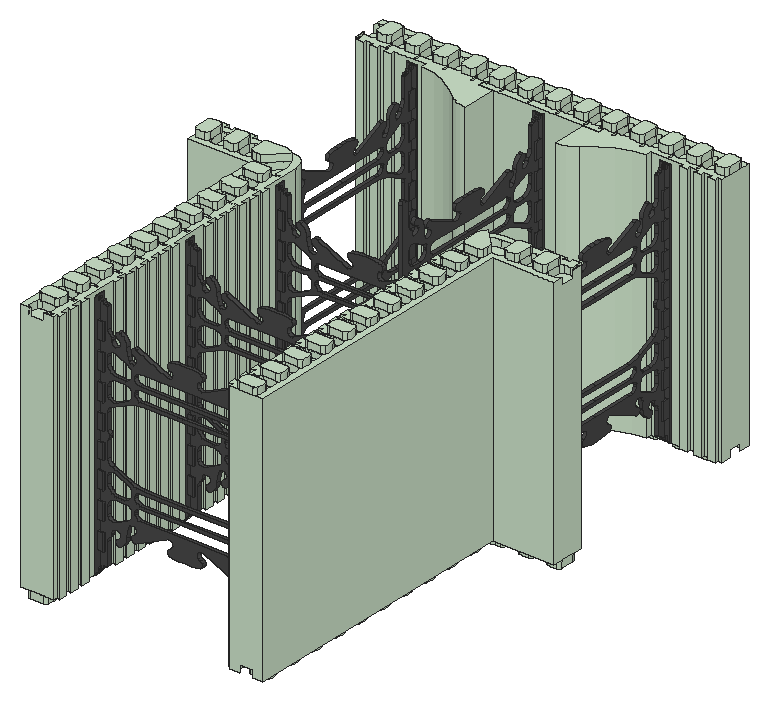
Revit family (continued)
Nested families (in)
  nested 64: "Interlock Tooth" at (12, -0.00002, 0) x (-1, 0, 0) z (0, 0, 1), type "Interlock Tooth"
  nested 65: "Interlock Tooth" at (11, -0.00002, -18.5) x (-1, 0, 0) z (0, 0, 1), type "Interlock Tooth"
  nested 66: "NUDURA Diamond Pattern" at (17.25, -23.99998, 0) x (0, 1, 0) z (0, 0, 1), type "NUDURA Diamond Pattern"
  nested 67: "NUDURA Logo Diamond" at (11.625, -39.99742, 0) x (0, 1, 0) z (0, 0, 1), type "NUDURA Logo Diamond"
  nested 68: "NUDURA Diamond Pattern Missing Two Lines" at (-11.25, -15.99998, 0) x (0, 1, 0) z (0, 0, 1), type "NUDURA Diamond Pattern minus Two lines"
  nested 69: "NUDURA Diamond Pattern Missing Two Lines" at (-10, -6, 0), type "NUDURA Diamond Pattern minus Two lines"
  nested 70: "NUDURA Diamond Pattern Missing Two Lines" at (6, -15.99998, 0) x (0, 1, 0) z (0, 0, 1), type "NUDURA Diamond Pattern minus Two lines"
  nested 71: "NUDURA Diamond Pattern Missing Two Lines" at (16, -17.24998, 0) x (-1, 0, 0) z (0, 0, 1), type "NUDURA Diamond Pattern minus Two lines"
  nested 72: "NUDURA Logo Diamond" at (5.99744, 5.625, 0) x (-1, 0, 0) z (0, 0, 1), type "NUDURA Logo Diamond"
  nested 73: "Interlock Tooth" at (4, -0.00002, 0) x (-1, 0, 0) z (0, 0, 1), type "Interlock Tooth"
  nested 74: "Interlock Tooth" at (2, -0.00002, 0) x (-1, 0, 0) z (0, 0, 1), type "Interlock Tooth"
  nested 75: "Interlock Tooth" at (1, -0.00002, -18.5) x (-1, 0, 0) z (0, 0, 1), type "Interlock Tooth"
  nested 76: "Interlock Tooth" at (3, -0.00002, -18.5) x (-1, 0, 0) z (0, 0, 1), type "Interlock Tooth"
  nested 77: "Interlock Tooth" at (0, -0.00002, 0) x (-1, 0, 0) z (0, 0, 1), type "Interlock Tooth"
  nested 78: "NUDURA Logo Diamond" at (23.99744, 5.625, 0) x (-1, 0, 0) z (0, 0, 1), type "NUDURA Logo Diamond"
  nested 79: "NUDURA Diamond Pattern" at (-11.25, -23.99998, 0) x (0, 1, 0) z (0, 0, 1), type "NUDURA Diamond Pattern"
  nested 80: "NUDURA Logo Diamond" at (-5.625, -16.00254, 0) x (0, -1, 0) z (0, 0, 1), type "NUDURA Logo Diamond"
  nested 81: "Interlock Tooth" at (14, -0.00002, 0) x (-1, 0, 0) z (0, 0, 1), type "Interlock Tooth"
  nested 82: "Interlock Tooth" at (13, -0.00002, -18.5) x (-1, 0, 0) z (0, 0, 1), type "Interlock Tooth"
  nested 83: "NUDURA Diamond Pattern" at (7.99744, 0, 0) x (-1, 0, 0) z (0, 0, 1), type "NUDURA Diamond Pattern"
  nested 84: "Interlock Tooth" at (16, -0.00002, 0) x (-1, 0, 0) z (0, 0, 1), type "Interlock Tooth"
  nested 85: "Interlock Tooth" at (15, -0.00002, -18.5) x (-1, 0, 0) z (0, 0, 1), type "Interlock Tooth"
  nested 86: "12-inch Insert Web" at (-6, -2.99998, 0), type "12-inch Insert Web"
  nested 87: "12-inch Insert Web" at (12, -2.99998, 0), type "12-inch Insert Web"
  nested 88: "12-inch Insert Web" at (3, -19.99998, 0) x (0, 1, 0) z (0, 0, 1), type "12-inch Insert Web"
  nested 89: "12-inch Insert Web" at (3, -27.99998, 0) x (0, 1, 0) z (0, 0, 1), type "12-inch Insert Web"
  nested 90: "12-inch Insert Web" at (3, -11.99998, 0) x (0, 1, 0) z (0, 0, 1), type "12-inch Insert Web"
  nested 91: "12-inch Insert Web w One Fastening Strip" at (3, -3, 0) x (-1, 0, 0) z (0, 0, 1), type "12-inch Insert Web w One Fastening Strip"
Definition of nested family "Interlock Tooth"
  Reference planes (in)
    plane 1 "Center (Front/Back)": y = 0
    plane 2: z = 0
    plane 3 "Center (Left/Right)": x = 0
    plane 4: z = 18
    plane 5: z = 18.5
    plane 6: z = -0.5
  Forms (in)
    Extrusion 1, solid, material "NUDURA Expanded Polystyrene Foam Insulation"
      sketch origin (0, -8.875, 0) x (1, 0, 0) y (0, 1, 0)
        loop
          arc (0, 3.97692) -> (0.04785, 3.82983) -> (0.17308, 3.73905) r 0.25
          arc (0.17308, 3.73905) -> (0.5, 3.6875) -> (0.82692, 3.73905) r 1.0625
          arc (0.82692, 3.73905) -> (0.95215, 3.82983) -> (1, 3.97692) r 0.25
          line (1, 3.97692) -> (1, 4.89808)
          arc (1, 4.89808) -> (0.95215, 5.04517) -> (0.82692, 5.13595) r 0.25
          arc (0.82692, 5.13595) -> (0.5, 5.1875) -> (0.17308, 5.13595) r 1.0625
          arc (0.17308, 5.13595) -> (0.04785, 5.04517) -> (0, 4.89808) r 0.25
          line (0, 4.89808) -> (0, 3.97692)
      from 18 to 18.5
  Dimensions and locks (in)
    locked: plane 4 to level at 18
    locked: plane 4 to plane 5 at 0.5
    locked: plane 6 to level at 0.5
Definition of nested family "12-inch Insert Web"
  Reference planes (in)
    plane 1 "Center (Front/Back)": y = 0
    plane 2: z = 0
    plane 3 "Center (Left/Right)": x = 0
  Forms (in)
    Extrusion 1, solid, material "High Density Polystyrene"
      sketch origin (0, 0, 0) x (0, 1, 0) y (0, 0, 1)
        loop
          line (6.25, 0) -> (6.25, 17.74583)
          arc (6.25, 17.74583) -> (6.22112, 17.72608) -> (6.21, 17.69292) r 0.055
          line (6.21, 17.69292) -> (6.21, 0.05292)
          arc (6.21, 0.05292) -> (6.22112, 0.01975) -> (6.25, 0) r 0.055
        loop
          arc (-6.25, 0) -> (-6.22112, 0.01975) -> (-6.21, 0.05292) r 0.055
          line (-6.21, 0.05292) -> (-6.21, 17.69292)
          arc (-6.21, 17.69292) -> (-6.22112, 17.72608) -> (-6.25, 17.74583) r 0.055
          line (-6.25, 17.74583) -> (-6.25, 0)
      from 0.36328 to -0.36328
    Extrusion 2, solid, material "High Density Polystyrene"
      sketch origin (0, 0, 0) x (0, 1, 0) y (0, 0, 1)
        loop
          arc (6.18889, 17.40785) -> (6.20374, 17.40241) -> (6.21, 17.38789) r 0.02
          line (6.21, 17.38789) -> (6.21, 17.63668)
          arc (6.21, 17.63668) -> (6.20585, 17.62147) -> (6.19457, 17.61045) r 0.03
          line (6.19457, 17.61045) -> (6.12543, 17.57204)
          arc (6.12543, 17.57204) -> (6.11414, 17.56103) -> (6.11, 17.54582) r 0.03
          line (6.11, 17.54582) -> (6.11, 17.42461)
          arc (6.11, 17.42461) -> (6.11625, 17.41008) -> (6.13111, 17.40464) r 0.02
          line (6.13111, 17.40464) -> (6.18889, 17.40785)
        loop
          line (-6.12543, 17.57204) -> (-6.19457, 17.61045)
          arc (-6.19457, 17.61045) -> (-6.20585, 17.62147) -> (-6.21, 17.63668) r 0.03
          line (-6.21, 17.63668) -> (-6.21, 17.38789)
          arc (-6.21, 17.38789) -> (-6.20374, 17.40241) -> (-6.18889, 17.40785) r 0.02
          line (-6.18889, 17.40785) -> (-6.13111, 17.40464)
          arc (-6.13111, 17.40464) -> (-6.11625, 17.41008) -> (-6.11, 17.42461) r 0.02
          line (-6.11, 17.42461) -> (-6.11, 17.54582)
          arc (-6.11, 17.54582) -> (-6.11414, 17.56103) -> (-6.12543, 17.57204) r 0.03
        loop
          line (6.18889, 0.33798) -> (6.13111, 0.34119)
          arc (6.13111, 0.34119) -> (6.11625, 0.33575) -> (6.11, 0.32122) r 0.02
          line (6.11, 0.32122) -> (6.11, 0.20001)
          arc (6.11, 0.20001) -> (6.11414, 0.1848) -> (6.12543, 0.17379) r 0.03
          line (6.12543, 0.17379) -> (6.19457, 0.13538)
          arc (6.19457, 0.13538) -> (6.20585, 0.12437) -> (6.21, 0.10915) r 0.03
          line (6.21, 0.10915) -> (6.21, 0.35795)
          arc (6.21, 0.35795) -> (6.20374, 0.34342) -> (6.18889, 0.33798) r 0.02
        loop
          arc (-6.12543, 0.17379) -> (-6.11414, 0.1848) -> (-6.11, 0.20001) r 0.03
          line (-6.11, 0.20001) -> (-6.11, 0.32122)
          arc (-6.11, 0.32122) -> (-6.11625, 0.33575) -> (-6.13111, 0.34119) r 0.02
          line (-6.13111, 0.34119) -> (-6.18889, 0.33798)
          arc (-6.18889, 0.33798) -> (-6.20374, 0.34342) -> (-6.21, 0.35795) r 0.02
          line (-6.21, 0.35795) -> (-6.21, 0.10915)
          arc (-6.21, 0.10915) -> (-6.20585, 0.12437) -> (-6.19457, 0.13538) r 0.03
          line (-6.19457, 0.13538) -> (-6.12543, 0.17379)
        loop
          line (6, 17.20772) -> (5.925, 17.43772)
          arc (5.925, 17.43772) -> (5.875, 17.46772) -> (5.825, 17.43772) r 0.05667
          line (5.825, 17.43772) -> (5.77609, 17.28772) -> (5.64893, 17.28772)
          arc (5.64893, 17.28772) -> (5.61433, 17.27339) -> (5.6, 17.2388) r 0.04893
          line (5.6, 17.2388) -> (5.6, 17.20772) -> (5.5, 17.20772) -> (5.5, 15.75595)
          arc (5.5, 15.75595) -> (5.43087, 15.489) -> (5.24086, 15.28915) r 0.55
          arc (5.24086, 15.28915) -> (5.19232, 15.23289) -> (5.1843, 15.15901) r 0.125
          arc (5.1843, 15.15901) -> (4.73923, 14.83241) -> (4.77171, 15.3835) r 0.305
          arc (4.77171, 15.3835) -> (4.89426, 15.66948) -> (4.60829, 15.79202) r 0.22
          arc (4.60829, 15.79202) -> (4.25428, 15.49683) -> (4.14171, 15.04986) r 0.745
          arc (4.14171, 15.04986) -> (4.09808, 14.63491) -> (3.96932, 14.23805) r 2
          arc (3.96932, 14.23805) -> (3.47025, 14.23431) -> (3.63581, 14.70513) r 0.305
          arc (3.63581, 14.70513) -> (3.78874, 15.03658) -> (3.43743, 15.1357) r 0.24
          line (3.43743, 15.1357) -> (1.31021, 14.13634)
          arc (1.31021, 14.13634) -> (0.87667, 14.28198) -> (1.07505, 14.69406) r 0.305
          arc (1.07505, 14.69406) -> (1.24991, 14.91838) -> (1.08783, 15.15211) r 0.24
          arc (1.08783, 15.15211) -> (0.76801, 15.23299) -> (0.43924, 15.2602) r 2
          line (0.43924, 15.2602) -> (0, 15.2602) -> (-0.43924, 15.2602)
          arc (-0.43924, 15.2602) -> (-0.76801, 15.23299) -> (-1.08783, 15.15211) r 2
          arc (-1.08783, 15.15211) -> (-1.24991, 14.91838) -> (-1.07505, 14.69406) r 0.24
          arc (-1.07505, 14.69406) -> (-0.87667, 14.28198) -> (-1.31021, 14.13634) r 0.305
          line (-1.31021, 14.13634) -> (-3.43743, 15.1357)
          arc (-3.43743, 15.1357) -> (-3.78874, 15.03658) -> (-3.63581, 14.70513) r 0.24
          arc (-3.63581, 14.70513) -> (-3.47025, 14.23431) -> (-3.96932, 14.23805) r 0.305
          arc (-3.96932, 14.23805) -> (-4.09808, 14.63491) -> (-4.14171, 15.04986) r 2
          arc (-4.14171, 15.04986) -> (-4.25428, 15.49683) -> (-4.60829, 15.79202) r 0.745
          arc (-4.60829, 15.79202) -> (-4.89426, 15.66948) -> (-4.77171, 15.3835) r 0.22
          arc (-4.77171, 15.3835) -> (-4.73923, 14.83241) -> (-5.1843, 15.15901) r 0.305
          arc (-5.1843, 15.15901) -> (-5.19232, 15.23289) -> (-5.24086, 15.28915) r 0.125
          arc (-5.24086, 15.28915) -> (-5.43087, 15.489) -> (-5.5, 15.75595) r 0.55
          line (-5.5, 15.75595) -> (-5.5, 17.20772) -> (-5.6, 17.20772) -> (-5.6, 17.2388)
          arc (-5.6, 17.2388) -> (-5.61433, 17.27339) -> (-5.64893, 17.28772) r 0.04893
          line (-5.64893, 17.28772) -> (-5.77609, 17.28772) -> (-5.825, 17.43772)
          arc (-5.825, 17.43772) -> (-5.875, 17.46772) -> (-5.925, 17.43772) r 0.05667
          line (-5.925, 17.43772) -> (-6, 17.20772) -> (-6, 0.66519) -> (-5.925, 0.43519)
          arc (-5.925, 0.43519) -> (-5.875, 0.40519) -> (-5.825, 0.43519) r 0.05667
          line (-5.825, 0.43519) -> (-5.77609, 0.58519) -> (-5.64893, 0.58519)
          arc (-5.64893, 0.58519) -> (-5.61433, 0.59952) -> (-5.6, 0.63412) r 0.04893
          line (-5.6, 0.63412) -> (-5.6, 0.66519) -> (-5.5, 0.66519) -> (-5.5, 2.24405)
          arc (-5.5, 2.24405) -> (-5.43087, 2.511) -> (-5.24086, 2.71085) r 0.55
          arc (-5.24086, 2.71085) -> (-5.19232, 2.76711) -> (-5.1843, 2.84099) r 0.125
          arc (-5.1843, 2.84099) -> (-4.73923, 3.16759) -> (-4.77171, 2.6165) r 0.305
          arc (-4.77171, 2.6165) -> (-4.89426, 2.33052) -> (-4.60829, 2.20798) r 0.22
          arc (-4.60829, 2.20798) -> (-4.25428, 2.50317) -> (-4.14171, 2.95014) r 0.745
          arc (-4.14171, 2.95014) -> (-4.09808, 3.36509) -> (-3.96932, 3.76195) r 2
          arc (-3.96932, 3.76195) -> (-3.47025, 3.76569) -> (-3.63581, 3.29487) r 0.305
          arc (-3.63581, 3.29487) -> (-3.78874, 2.96342) -> (-3.43743, 2.8643) r 0.24
          line (-3.43743, 2.8643) -> (-1.31021, 3.86366)
          arc (-1.31021, 3.86366) -> (-0.87667, 3.71802) -> (-1.07505, 3.30594) r 0.305
          arc (-1.07505, 3.30594) -> (-1.24991, 3.08162) -> (-1.08783, 2.84789) r 0.24
          arc (-1.08783, 2.84789) -> (-0.76801, 2.76701) -> (-0.43924, 2.7398) r 2
          line (-0.43924, 2.7398) -> (0, 2.7398) -> (0.43924, 2.7398)
          arc (0.43924, 2.7398) -> (0.76801, 2.76701) -> (1.08783, 2.84789) r 2
          arc (1.08783, 2.84789) -> (1.24991, 3.08162) -> (1.07505, 3.30594) r 0.24
          arc (1.07505, 3.30594) -> (0.87667, 3.71802) -> (1.31021, 3.86366) r 0.305
          line (1.31021, 3.86366) -> (3.43743, 2.8643)
          arc (3.43743, 2.8643) -> (3.78874, 2.96342) -> (3.63581, 3.29487) r 0.24
          arc (3.63581, 3.29487) -> (3.47025, 3.76569) -> (3.96932, 3.76195) r 0.305
          arc (3.96932, 3.76195) -> (4.09808, 3.36509) -> (4.14171, 2.95014) r 2
          arc (4.14171, 2.95014) -> (4.25428, 2.50317) -> (4.60829, 2.20798) r 0.745
          arc (4.60829, 2.20798) -> (4.89426, 2.33052) -> (4.77171, 2.6165) r 0.22
          arc (4.77171, 2.6165) -> (4.73923, 3.16759) -> (5.1843, 2.84099) r 0.305
          arc (5.1843, 2.84099) -> (5.19232, 2.76711) -> (5.24086, 2.71085) r 0.125
          arc (5.24086, 2.71085) -> (5.43087, 2.511) -> (5.5, 2.24405) r 0.55
          line (5.5, 2.24405) -> (5.5, 0.66519) -> (5.6, 0.66519) -> (5.6, 0.63412)
          arc (5.6, 0.63412) -> (5.61433, 0.59952) -> (5.64893, 0.58519) r 0.04893
          line (5.64893, 0.58519) -> (5.77609, 0.58519) -> (5.825, 0.43519)
          arc (5.825, 0.43519) -> (5.875, 0.40519) -> (5.925, 0.43519) r 0.05667
          line (5.925, 0.43519) -> (6, 0.66519) -> (6, 17.20772)
        loop
          arc (3.02319, 4.29202) -> (3.16251, 4.2877) -> (3.3013, 4.27477) r 2.25
          arc (3.3013, 4.27477) -> (3.48148, 4.41353) -> (3.6, 4.60763) r 0.62421
          line (3.6, 4.60763) -> (3.6, 4.73363)
          arc (3.6, 4.73363) -> (3.4551, 4.96314) -> (3.22579, 5.10835) r 0.61747
          line (3.22579, 5.10835) -> (0, 5.10835) -> (-3.22579, 5.10835)
          arc (-3.22579, 5.10835) -> (-3.4551, 4.96314) -> (-3.6, 4.73363) r 0.61747
          line (-3.6, 4.73363) -> (-3.6, 4.60763)
          arc (-3.6, 4.60763) -> (-3.48148, 4.41353) -> (-3.3013, 4.27477) r 0.62421
          arc (-3.3013, 4.27477) -> (-3.16251, 4.2877) -> (-3.02319, 4.29202) r 2.25
          line (-3.02319, 4.29202) -> (0, 4.29202) -> (3.02319, 4.29202)
        loop
          line (4.08806, 4.02826) -> (4.96605, 3.61736)
          arc (4.96605, 3.61736) -> (5.32627, 3.64059) -> (5.5, 3.95701) r 0.375
          line (5.5, 3.95701) -> (5.5, 4.48373)
          arc (5.5, 4.48373) -> (5.31694, 4.92567) -> (4.875, 5.10873) r 0.625
          line (4.875, 5.10873) -> (4.3, 5.10873)
          arc (4.3, 5.10873) -> (3.94645, 4.96229) -> (3.8, 4.60873) r 0.5
          line (3.8, 4.60873) -> (3.8, 4.48112)
          arc (3.8, 4.48112) -> (3.87812, 4.21276) -> (4.08806, 4.02826) r 0.5
        loop
          line (5.5, 5.91373) -> (5.5, 6.44046)
          arc (5.5, 6.44046) -> (5.32627, 6.75687) -> (4.96605, 6.78011) r 0.375
          line (4.96605, 6.78011) -> (4.08806, 6.36921)
          arc (4.08806, 6.36921) -> (3.87812, 6.18471) -> (3.8, 5.91635) r 0.5
          line (3.8, 5.91635) -> (3.8, 5.78873)
          arc (3.8, 5.78873) -> (3.94645, 5.43518) -> (4.3, 5.28873) r 0.5
          line (4.3, 5.28873) -> (4.875, 5.28873)
          arc (4.875, 5.28873) -> (5.31694, 5.47179) -> (5.5, 5.91373) r 0.625
        loop
          arc (3.30123, 6.1222) -> (3.16288, 6.10935) -> (3.02401, 6.10506) r 2.25
          line (3.02401, 6.10506) -> (0, 6.10506) -> (-3.02401, 6.10506)
          arc (-3.02401, 6.10506) -> (-3.16288, 6.10935) -> (-3.30123, 6.1222) r 2.25
          arc (-3.30123, 6.1222) -> (-3.48146, 5.98344) -> (-3.6, 5.7893) r 0.62421
          line (-3.6, 5.7893) -> (-3.6, 5.66335)
          arc (-3.6, 5.66335) -> (-3.45481, 5.43354) -> (-3.225, 5.28835) r 0.61747
          line (-3.225, 5.28835) -> (0, 5.28835) -> (3.225, 5.28835)
          arc (3.225, 5.28835) -> (3.45481, 5.43354) -> (3.6, 5.66335) r 0.61747
          line (3.6, 5.66335) -> (3.6, 5.7893)
          arc (3.6, 5.7893) -> (3.48146, 5.98344) -> (3.30123, 6.1222) r 0.62421
        loop
          arc (-4.08806, 4.02826) -> (-3.87812, 4.21276) -> (-3.8, 4.48112) r 0.5
          line (-3.8, 4.48112) -> (-3.8, 4.60873)
          arc (-3.8, 4.60873) -> (-3.94645, 4.96229) -> (-4.3, 5.10873) r 0.5
          line (-4.3, 5.10873) -> (-4.875, 5.10873)
          arc (-4.875, 5.10873) -> (-5.31694, 4.92567) -> (-5.5, 4.48373) r 0.625
          line (-5.5, 4.48373) -> (-5.5, 3.95701)
          arc (-5.5, 3.95701) -> (-5.32627, 3.64059) -> (-4.96605, 3.61736) r 0.375
          line (-4.96605, 3.61736) -> (-4.08806, 4.02826)
        loop
          arc (-5.5, 5.91373) -> (-5.31694, 5.47179) -> (-4.875, 5.28873) r 0.625
          line (-4.875, 5.28873) -> (-4.3, 5.28873)
          arc (-4.3, 5.28873) -> (-3.94645, 5.43518) -> (-3.8, 5.78873) r 0.5
          line (-3.8, 5.78873) -> (-3.8, 5.91635)
          arc (-3.8, 5.91635) -> (-3.87812, 6.18471) -> (-4.08806, 6.36921) r 0.5
          line (-4.08806, 6.36921) -> (-4.96605, 6.78011)
          arc (-4.96605, 6.78011) -> (-5.32627, 6.75687) -> (-5.5, 6.44046) r 0.375
          line (-5.5, 6.44046) -> (-5.5, 5.91373)
        loop
          line (5.5, 7.54678) -> (5.5, 8.68765) -> (5.38, 8.88765) -> (5.38, 9) -> (5.38, 9.11235) -> (5.5, 9.31235) -> (5.5, 10.45322)
          arc (5.5, 10.45322) -> (5.42188, 10.72158) -> (5.21194, 10.90608) r 0.5
          line (5.21194, 10.90608) -> (3.95372, 11.49492)
          arc (3.95372, 11.49492) -> (3.48851, 11.65338) -> (3, 11.70705) r 2.25
          line (3, 11.70705) -> (0, 11.70705) -> (-3, 11.70705)
          arc (-3, 11.70705) -> (-3.48851, 11.65338) -> (-3.95372, 11.49492) r 2.25
          line (-3.95372, 11.49492) -> (-5.21194, 10.90608)
          arc (-5.21194, 10.90608) -> (-5.42188, 10.72158) -> (-5.5, 10.45322) r 0.5
          line (-5.5, 10.45322) -> (-5.5, 9.31235) -> (-5.38, 9.11235) -> (-5.38, 9) -> (-5.38, 8.88765) -> (-5.5, 8.68765) -> (-5.5, 7.54678)
          arc (-5.5, 7.54678) -> (-5.42188, 7.27842) -> (-5.21194, 7.09392) r 0.5
          line (-5.21194, 7.09392) -> (-3.95372, 6.50508)
          arc (-3.95372, 6.50508) -> (-3.48851, 6.34662) -> (-3, 6.29295) r 2.25
          line (-3, 6.29295) -> (0, 6.29295) -> (3, 6.29295)
          arc (3, 6.29295) -> (3.48851, 6.34662) -> (3.95372, 6.50508) r 2.25
          line (3.95372, 6.50508) -> (5.21194, 7.09392)
          arc (5.21194, 7.09392) -> (5.42188, 7.27842) -> (5.5, 7.54678) r 0.5
        loop
          line (3.02319, 13.70798) -> (0, 13.70798) -> (-3.02319, 13.70798)
          arc (-3.02319, 13.70798) -> (-3.16251, 13.7123) -> (-3.3013, 13.72523) r 2.25
          arc (-3.3013, 13.72523) -> (-3.48148, 13.58647) -> (-3.6, 13.39237) r 0.62421
          line (-3.6, 13.39237) -> (-3.6, 13.26637)
          arc (-3.6, 13.26637) -> (-3.4551, 13.03686) -> (-3.22579, 12.89165) r 0.61747
          line (-3.22579, 12.89165) -> (0, 12.89165) -> (3.22579, 12.89165)
          arc (3.22579, 12.89165) -> (3.4551, 13.03686) -> (3.6, 13.26637) r 0.61747
          line (3.6, 13.26637) -> (3.6, 13.39237)
          arc (3.6, 13.39237) -> (3.48148, 13.58647) -> (3.3013, 13.72523) r 0.62421
          arc (3.3013, 13.72523) -> (3.16251, 13.7123) -> (3.02319, 13.70798) r 2.25
        loop
          arc (4.08806, 13.97174) -> (3.87812, 13.78724) -> (3.8, 13.51888) r 0.5
          line (3.8, 13.51888) -> (3.8, 13.39127)
          arc (3.8, 13.39127) -> (3.94645, 13.03771) -> (4.3, 12.89127) r 0.5
          line (4.3, 12.89127) -> (4.875, 12.89127)
          arc (4.875, 12.89127) -> (5.31694, 13.07433) -> (5.5, 13.51627) r 0.625
          line (5.5, 13.51627) -> (5.5, 14.04299)
          arc (5.5, 14.04299) -> (5.32627, 14.35941) -> (4.96605, 14.38264) r 0.375
          line (4.96605, 14.38264) -> (4.08806, 13.97174)
        loop
          arc (5.5, 12.08627) -> (5.31694, 12.52821) -> (4.875, 12.71127) r 0.625
          line (4.875, 12.71127) -> (4.3, 12.71127)
          arc (4.3, 12.71127) -> (3.94645, 12.56482) -> (3.8, 12.21127) r 0.5
          line (3.8, 12.21127) -> (3.8, 12.08365)
          arc (3.8, 12.08365) -> (3.87812, 11.81529) -> (4.08806, 11.63079) r 0.5
          line (4.08806, 11.63079) -> (4.96605, 11.21989)
          arc (4.96605, 11.21989) -> (5.32627, 11.24313) -> (5.5, 11.55954) r 0.375
          line (5.5, 11.55954) -> (5.5, 12.08627)
        loop
          arc (3.30123, 11.8778) -> (3.48146, 12.01656) -> (3.6, 12.2107) r 0.62421
          line (3.6, 12.2107) -> (3.6, 12.33665)
          arc (3.6, 12.33665) -> (3.45481, 12.56646) -> (3.225, 12.71165) r 0.61747
          line (3.225, 12.71165) -> (0, 12.71165) -> (-3.225, 12.71165)
          arc (-3.225, 12.71165) -> (-3.45481, 12.56646) -> (-3.6, 12.33665) r 0.61747
          line (-3.6, 12.33665) -> (-3.6, 12.2107)
          arc (-3.6, 12.2107) -> (-3.48146, 12.01656) -> (-3.30123, 11.8778) r 0.62421
          arc (-3.30123, 11.8778) -> (-3.16288, 11.89065) -> (-3.02401, 11.89494) r 2.25
          line (-3.02401, 11.89494) -> (0, 11.89494) -> (3.02401, 11.89494)
          arc (3.02401, 11.89494) -> (3.16288, 11.89065) -> (3.30123, 11.8778) r 2.25
        loop
          line (-4.08806, 13.97174) -> (-4.96605, 14.38264)
          arc (-4.96605, 14.38264) -> (-5.32627, 14.35941) -> (-5.5, 14.04299) r 0.375
          line (-5.5, 14.04299) -> (-5.5, 13.51627)
          arc (-5.5, 13.51627) -> (-5.31694, 13.07433) -> (-4.875, 12.89127) r 0.625
          line (-4.875, 12.89127) -> (-4.3, 12.89127)
          arc (-4.3, 12.89127) -> (-3.94645, 13.03771) -> (-3.8, 13.39127) r 0.5
          line (-3.8, 13.39127) -> (-3.8, 13.51888)
          arc (-3.8, 13.51888) -> (-3.87812, 13.78724) -> (-4.08806, 13.97174) r 0.5
        loop
          line (-5.5, 12.08627) -> (-5.5, 11.55954)
          arc (-5.5, 11.55954) -> (-5.32627, 11.24313) -> (-4.96605, 11.21989) r 0.375
          line (-4.96605, 11.21989) -> (-4.08806, 11.63079)
          arc (-4.08806, 11.63079) -> (-3.87812, 11.81529) -> (-3.8, 12.08365) r 0.5
          line (-3.8, 12.08365) -> (-3.8, 12.21127)
          arc (-3.8, 12.21127) -> (-3.94645, 12.56482) -> (-4.3, 12.71127) r 0.5
          line (-4.3, 12.71127) -> (-4.875, 12.71127)
          arc (-4.875, 12.71127) -> (-5.31694, 12.52821) -> (-5.5, 12.08627) r 0.625
      from 0.125 to -0.125
    Extrusion 3, solid, material "High Density Polystyrene"
      sketch origin (0, 0, 0) x (0, 1, 0) y (0, 0, 1)
        loop
          line (6.21, 16.17792) -> (5.71, 16.17792) -> (5.71, 14.97792) -> (6.21, 14.97792) -> (6.21, 16.17792)
        loop
          line (6.21, 14.22792) -> (5.71, 14.22792) -> (5.71, 13.02792) -> (6.21, 13.02792) -> (6.21, 14.22792)
        loop
          line (6.21, 12.27792) -> (5.71, 12.27792) -> (5.71, 11.07792) -> (6.21, 11.07792) -> (6.21, 12.27792)
        loop
          line (6.21, 10.32792) -> (5.71, 10.32792) -> (5.71, 9.24792) -> (6.21, 9.24792) -> (6.21, 10.32792)
        loop
          line (6.21, 8.49792) -> (5.71, 8.49792) -> (5.71, 7.41792) -> (6.21, 7.41792) -> (6.21, 8.49792)
        loop
          line (6.21, 6.66792) -> (5.71, 6.66792) -> (5.71, 5.46792) -> (6.21, 5.46792) -> (6.21, 6.66792)
        loop
          line (6.21, 4.71792) -> (5.71, 4.71792) -> (5.71, 3.51792) -> (6.21, 3.51792) -> (6.21, 4.71792)
        loop
          line (6.21, 2.76792) -> (5.71, 2.76792) -> (5.71, 1.56792) -> (6.21, 1.56792) -> (6.21, 2.76792)
        loop
          line (-6.21, 16.17792) -> (-6.21, 14.97792) -> (-5.71, 14.97792) -> (-5.71, 16.17792) -> (-6.21, 16.17792)
        loop
          line (-6.21, 14.22792) -> (-6.21, 13.02792) -> (-5.71, 13.02792) -> (-5.71, 14.22792) -> (-6.21, 14.22792)
        loop
          line (-6.21, 12.27792) -> (-6.21, 11.07792) -> (-5.71, 11.07792) -> (-5.71, 12.27792) -> (-6.21, 12.27792)
        loop
          line (-6.21, 10.32792) -> (-6.21, 9.24792) -> (-5.71, 9.24792) -> (-5.71, 10.32792) -> (-6.21, 10.32792)
        loop
          line (-6.21, 8.49792) -> (-6.21, 7.41792) -> (-5.71, 7.41792) -> (-5.71, 8.49792) -> (-6.21, 8.49792)
        loop
          line (-6.21, 6.66792) -> (-6.21, 5.46792) -> (-5.71, 5.46792) -> (-5.71, 6.66792) -> (-6.21, 6.66792)
        loop
          line (-6.21, 4.71792) -> (-6.21, 3.51792) -> (-5.71, 3.51792) -> (-5.71, 4.71792) -> (-6.21, 4.71792)
        loop
          line (-6.21, 2.76792) -> (-6.21, 1.56792) -> (-5.71, 1.56792) -> (-5.71, 2.76792) -> (-6.21, 2.76792)
      from 0.25 to -0.25
    Extrusion 4, void
      sketch origin (0, 3, 0) x (1, 0, 0) y (0, 1, 0)
        loop
          line (-0.25, 2.79249) -> (-0.25, 2.71) -> (-0.1675, 2.71)
          arc (-0.1675, 2.71) -> (-0.22584, 2.73416) -> (-0.25, 2.79249) r 0.0825
      from 0 to 18
    Extrusion 5, void
      sketch origin (0, 3, 0) x (-1, 0, 0) y (0, -1, 0)
        loop
          arc (-0.25, -2.79249) -> (-0.22584, -2.73416) -> (-0.1675, -2.71) r 0.0825
          line (-0.1675, -2.71) -> (-0.25, -2.71) -> (-0.25, -2.79249)
      from 0 to 18
    Extrusion 6, void
      sketch origin (0, -3, 0) x (1, 0, 0) y (0, 1, 0)
        loop
          arc (-0.25, -2.79249) -> (-0.22584, -2.73416) -> (-0.1675, -2.71) r 0.0825
          line (-0.1675, -2.71) -> (-0.25, -2.71) -> (-0.25, -2.79249)
      from 0 to 18
    Extrusion 7, void
      sketch origin (0, -3, 0) x (-1, 0, 0) y (0, -1, 0)
        loop
          line (-0.25, 2.79249) -> (-0.25, 2.71) -> (-0.1675, 2.71)
          arc (-0.1675, 2.71) -> (-0.22584, 2.73416) -> (-0.25, 2.79249) r 0.0825
      from 0 to 18
  Cuts and joins
    Extrusion 4, Extrusion 5, Extrusion 6, Extrusion 7 cuts Extrusion 1
    Extrusion 4, Extrusion 5, Extrusion 6, Extrusion 7 cuts Extrusion 3
Definition of nested family "12-inch Insert Web w One Fastening Strip"
  Reference planes (in)
    plane 1 "Center (Front/Back)": y = 0
    plane 2: z = 0
    plane 3 "Center (Left/Right)": x = 0
  Forms (in)
    Extrusion 1, solid, material "High Density Polystyrene"
      sketch origin (0, 0, 0) x (0, 1, 0) y (0, 0, 1)
        loop
          arc (-6.25, 0) -> (-6.22112, 0.01975) -> (-6.21, 0.05292) r 0.055
          line (-6.21, 0.05292) -> (-6.21, 17.69292)
          arc (-6.21, 17.69292) -> (-6.22112, 17.72608) -> (-6.25, 17.74583) r 0.055
          line (-6.25, 17.74583) -> (-6.25, 0)
      from 0.36328 to -0.36328
    Extrusion 2, solid, material "High Density Polystyrene"
      sketch origin (0, 0, 0) x (0, 1, 0) y (0, 0, 1)
        loop
          line (-6.12543, 17.57204) -> (-6.19457, 17.61045)
          arc (-6.19457, 17.61045) -> (-6.20585, 17.62147) -> (-6.21, 17.63668) r 0.03
          line (-6.21, 17.63668) -> (-6.21, 17.38789)
          arc (-6.21, 17.38789) -> (-6.20374, 17.40241) -> (-6.18889, 17.40785) r 0.02
          line (-6.18889, 17.40785) -> (-6.13111, 17.40464)
          arc (-6.13111, 17.40464) -> (-6.11625, 17.41008) -> (-6.11, 17.42461) r 0.02
          line (-6.11, 17.42461) -> (-6.11, 17.54582)
          arc (-6.11, 17.54582) -> (-6.11414, 17.56103) -> (-6.12543, 17.57204) r 0.03
        loop
          arc (-6.12543, 0.17379) -> (-6.11414, 0.1848) -> (-6.11, 0.20001) r 0.03
          line (-6.11, 0.20001) -> (-6.11, 0.32122)
          arc (-6.11, 0.32122) -> (-6.11625, 0.33575) -> (-6.13111, 0.34119) r 0.02
          line (-6.13111, 0.34119) -> (-6.18889, 0.33798)
          arc (-6.18889, 0.33798) -> (-6.20374, 0.34342) -> (-6.21, 0.35795) r 0.02
          line (-6.21, 0.35795) -> (-6.21, 0.10915)
          arc (-6.21, 0.10915) -> (-6.20585, 0.12437) -> (-6.19457, 0.13538) r 0.03
          line (-6.19457, 0.13538) -> (-6.12543, 0.17379)
        loop
          line (6, 17.20772) -> (5.925, 17.43772)
          arc (5.925, 17.43772) -> (5.875, 17.46772) -> (5.825, 17.43772) r 0.05667
          line (5.825, 17.43772) -> (5.77609, 17.28772) -> (5.64893, 17.28772)
          arc (5.64893, 17.28772) -> (5.61433, 17.27339) -> (5.6, 17.2388) r 0.04893
          line (5.6, 17.2388) -> (5.6, 17.20772) -> (5.5, 17.20772) -> (5.5, 15.75595)
          arc (5.5, 15.75595) -> (5.43087, 15.489) -> (5.24086, 15.28915) r 0.55
          arc (5.24086, 15.28915) -> (5.19232, 15.23289) -> (5.1843, 15.15901) r 0.125
          arc (5.1843, 15.15901) -> (4.73923, 14.83241) -> (4.77171, 15.3835) r 0.305
          arc (4.77171, 15.3835) -> (4.89426, 15.66948) -> (4.60829, 15.79202) r 0.22
          arc (4.60829, 15.79202) -> (4.25428, 15.49683) -> (4.14171, 15.04986) r 0.745
          arc (4.14171, 15.04986) -> (4.09808, 14.63491) -> (3.96932, 14.23805) r 2
          arc (3.96932, 14.23805) -> (3.47025, 14.23431) -> (3.63581, 14.70513) r 0.305
          arc (3.63581, 14.70513) -> (3.78874, 15.03658) -> (3.43743, 15.1357) r 0.24
          line (3.43743, 15.1357) -> (1.31021, 14.13634)
          arc (1.31021, 14.13634) -> (0.87667, 14.28198) -> (1.07505, 14.69406) r 0.305
          arc (1.07505, 14.69406) -> (1.24991, 14.91838) -> (1.08783, 15.15211) r 0.24
          arc (1.08783, 15.15211) -> (0.76801, 15.23299) -> (0.43924, 15.2602) r 2
          line (0.43924, 15.2602) -> (0, 15.2602) -> (-0.43924, 15.2602)
          arc (-0.43924, 15.2602) -> (-0.76801, 15.23299) -> (-1.08783, 15.15211) r 2
          arc (-1.08783, 15.15211) -> (-1.24991, 14.91838) -> (-1.07505, 14.69406) r 0.24
          arc (-1.07505, 14.69406) -> (-0.87667, 14.28198) -> (-1.31021, 14.13634) r 0.305
          line (-1.31021, 14.13634) -> (-3.43743, 15.1357)
          arc (-3.43743, 15.1357) -> (-3.78874, 15.03658) -> (-3.63581, 14.70513) r 0.24
          arc (-3.63581, 14.70513) -> (-3.47025, 14.23431) -> (-3.96932, 14.23805) r 0.305
          arc (-3.96932, 14.23805) -> (-4.09808, 14.63491) -> (-4.14171, 15.04986) r 2
          arc (-4.14171, 15.04986) -> (-4.25428, 15.49683) -> (-4.60829, 15.79202) r 0.745
          arc (-4.60829, 15.79202) -> (-4.89426, 15.66948) -> (-4.77171, 15.3835) r 0.22
          arc (-4.77171, 15.3835) -> (-4.73923, 14.83241) -> (-5.1843, 15.15901) r 0.305
          arc (-5.1843, 15.15901) -> (-5.19232, 15.23289) -> (-5.24086, 15.28915) r 0.125
          arc (-5.24086, 15.28915) -> (-5.43087, 15.489) -> (-5.5, 15.75595) r 0.55
          line (-5.5, 15.75595) -> (-5.5, 17.20772) -> (-5.6, 17.20772) -> (-5.6, 17.2388)
          arc (-5.6, 17.2388) -> (-5.61433, 17.27339) -> (-5.64893, 17.28772) r 0.04893
          line (-5.64893, 17.28772) -> (-5.77609, 17.28772) -> (-5.825, 17.43772)
          arc (-5.825, 17.43772) -> (-5.875, 17.46772) -> (-5.925, 17.43772) r 0.05667
          line (-5.925, 17.43772) -> (-6, 17.20772) -> (-6, 0.66519) -> (-5.925, 0.43519)
          arc (-5.925, 0.43519) -> (-5.875, 0.40519) -> (-5.825, 0.43519) r 0.05667
          line (-5.825, 0.43519) -> (-5.77609, 0.58519) -> (-5.64893, 0.58519)
          arc (-5.64893, 0.58519) -> (-5.61433, 0.59952) -> (-5.6, 0.63412) r 0.04893
          line (-5.6, 0.63412) -> (-5.6, 0.66519) -> (-5.5, 0.66519) -> (-5.5, 2.24405)
          arc (-5.5, 2.24405) -> (-5.43087, 2.511) -> (-5.24086, 2.71085) r 0.55
          arc (-5.24086, 2.71085) -> (-5.19232, 2.76711) -> (-5.1843, 2.84099) r 0.125
          arc (-5.1843, 2.84099) -> (-4.73923, 3.16759) -> (-4.77171, 2.6165) r 0.305
          arc (-4.77171, 2.6165) -> (-4.89426, 2.33052) -> (-4.60829, 2.20798) r 0.22
          arc (-4.60829, 2.20798) -> (-4.25428, 2.50317) -> (-4.14171, 2.95014) r 0.745
          arc (-4.14171, 2.95014) -> (-4.09808, 3.36509) -> (-3.96932, 3.76195) r 2
          arc (-3.96932, 3.76195) -> (-3.47025, 3.76569) -> (-3.63581, 3.29487) r 0.305
          arc (-3.63581, 3.29487) -> (-3.78874, 2.96342) -> (-3.43743, 2.8643) r 0.24
          line (-3.43743, 2.8643) -> (-1.31021, 3.86366)
          arc (-1.31021, 3.86366) -> (-0.87667, 3.71802) -> (-1.07505, 3.30594) r 0.305
          arc (-1.07505, 3.30594) -> (-1.24991, 3.08162) -> (-1.08783, 2.84789) r 0.24
          arc (-1.08783, 2.84789) -> (-0.76801, 2.76701) -> (-0.43924, 2.7398) r 2
          line (-0.43924, 2.7398) -> (0, 2.7398) -> (0.43924, 2.7398)
          arc (0.43924, 2.7398) -> (0.76801, 2.76701) -> (1.08783, 2.84789) r 2
          arc (1.08783, 2.84789) -> (1.24991, 3.08162) -> (1.07505, 3.30594) r 0.24
          arc (1.07505, 3.30594) -> (0.87667, 3.71802) -> (1.31021, 3.86366) r 0.305
          line (1.31021, 3.86366) -> (3.43743, 2.8643)
          arc (3.43743, 2.8643) -> (3.78874, 2.96342) -> (3.63581, 3.29487) r 0.24
          arc (3.63581, 3.29487) -> (3.47025, 3.76569) -> (3.96932, 3.76195) r 0.305
          arc (3.96932, 3.76195) -> (4.09808, 3.36509) -> (4.14171, 2.95014) r 2
          arc (4.14171, 2.95014) -> (4.25428, 2.50317) -> (4.60829, 2.20798) r 0.745
          arc (4.60829, 2.20798) -> (4.89426, 2.33052) -> (4.77171, 2.6165) r 0.22
          arc (4.77171, 2.6165) -> (4.73923, 3.16759) -> (5.1843, 2.84099) r 0.305
          arc (5.1843, 2.84099) -> (5.19232, 2.76711) -> (5.24086, 2.71085) r 0.125
          arc (5.24086, 2.71085) -> (5.43087, 2.511) -> (5.5, 2.24405) r 0.55
          line (5.5, 2.24405) -> (5.5, 0.66519) -> (5.6, 0.66519) -> (5.6, 0.63412)
          arc (5.6, 0.63412) -> (5.61433, 0.59952) -> (5.64893, 0.58519) r 0.04893
          line (5.64893, 0.58519) -> (5.77609, 0.58519) -> (5.825, 0.43519)
          arc (5.825, 0.43519) -> (5.875, 0.40519) -> (5.925, 0.43519) r 0.05667
          line (5.925, 0.43519) -> (6, 0.66519) -> (6, 17.20772)
        loop
          arc (3.02319, 4.29202) -> (3.16251, 4.2877) -> (3.3013, 4.27477) r 2.25
          arc (3.3013, 4.27477) -> (3.48148, 4.41353) -> (3.6, 4.60763) r 0.62421
          line (3.6, 4.60763) -> (3.6, 4.73363)
          arc (3.6, 4.73363) -> (3.4551, 4.96314) -> (3.22579, 5.10835) r 0.61747
          line (3.22579, 5.10835) -> (0, 5.10835) -> (-3.22579, 5.10835)
          arc (-3.22579, 5.10835) -> (-3.4551, 4.96314) -> (-3.6, 4.73363) r 0.61747
          line (-3.6, 4.73363) -> (-3.6, 4.60763)
          arc (-3.6, 4.60763) -> (-3.48148, 4.41353) -> (-3.3013, 4.27477) r 0.62421
          arc (-3.3013, 4.27477) -> (-3.16251, 4.2877) -> (-3.02319, 4.29202) r 2.25
          line (-3.02319, 4.29202) -> (0, 4.29202) -> (3.02319, 4.29202)
        loop
          line (4.08806, 4.02826) -> (4.96605, 3.61736)
          arc (4.96605, 3.61736) -> (5.32627, 3.64059) -> (5.5, 3.95701) r 0.375
          line (5.5, 3.95701) -> (5.5, 4.48373)
          arc (5.5, 4.48373) -> (5.31694, 4.92567) -> (4.875, 5.10873) r 0.625
          line (4.875, 5.10873) -> (4.3, 5.10873)
          arc (4.3, 5.10873) -> (3.94645, 4.96229) -> (3.8, 4.60873) r 0.5
          line (3.8, 4.60873) -> (3.8, 4.48112)
          arc (3.8, 4.48112) -> (3.87812, 4.21276) -> (4.08806, 4.02826) r 0.5
        loop
          line (5.5, 5.91373) -> (5.5, 6.44046)
          arc (5.5, 6.44046) -> (5.32627, 6.75687) -> (4.96605, 6.78011) r 0.375
          line (4.96605, 6.78011) -> (4.08806, 6.36921)
          arc (4.08806, 6.36921) -> (3.87812, 6.18471) -> (3.8, 5.91635) r 0.5
          line (3.8, 5.91635) -> (3.8, 5.78873)
          arc (3.8, 5.78873) -> (3.94645, 5.43518) -> (4.3, 5.28873) r 0.5
          line (4.3, 5.28873) -> (4.875, 5.28873)
          arc (4.875, 5.28873) -> (5.31694, 5.47179) -> (5.5, 5.91373) r 0.625
        loop
          arc (3.30123, 6.1222) -> (3.16288, 6.10935) -> (3.02401, 6.10506) r 2.25
          line (3.02401, 6.10506) -> (0, 6.10506) -> (-3.02401, 6.10506)
          arc (-3.02401, 6.10506) -> (-3.16288, 6.10935) -> (-3.30123, 6.1222) r 2.25
          arc (-3.30123, 6.1222) -> (-3.48146, 5.98344) -> (-3.6, 5.7893) r 0.62421
          line (-3.6, 5.7893) -> (-3.6, 5.66335)
          arc (-3.6, 5.66335) -> (-3.45481, 5.43354) -> (-3.225, 5.28835) r 0.61747
          line (-3.225, 5.28835) -> (0, 5.28835) -> (3.225, 5.28835)
          arc (3.225, 5.28835) -> (3.45481, 5.43354) -> (3.6, 5.66335) r 0.61747
          line (3.6, 5.66335) -> (3.6, 5.7893)
          arc (3.6, 5.7893) -> (3.48146, 5.98344) -> (3.30123, 6.1222) r 0.62421
        loop
          arc (-4.08806, 4.02826) -> (-3.87812, 4.21276) -> (-3.8, 4.48112) r 0.5
          line (-3.8, 4.48112) -> (-3.8, 4.60873)
          arc (-3.8, 4.60873) -> (-3.94645, 4.96229) -> (-4.3, 5.10873) r 0.5
          line (-4.3, 5.10873) -> (-4.875, 5.10873)
          arc (-4.875, 5.10873) -> (-5.31694, 4.92567) -> (-5.5, 4.48373) r 0.625
          line (-5.5, 4.48373) -> (-5.5, 3.95701)
          arc (-5.5, 3.95701) -> (-5.32627, 3.64059) -> (-4.96605, 3.61736) r 0.375
          line (-4.96605, 3.61736) -> (-4.08806, 4.02826)
        loop
          arc (-5.5, 5.91373) -> (-5.31694, 5.47179) -> (-4.875, 5.28873) r 0.625
          line (-4.875, 5.28873) -> (-4.3, 5.28873)
          arc (-4.3, 5.28873) -> (-3.94645, 5.43518) -> (-3.8, 5.78873) r 0.5
          line (-3.8, 5.78873) -> (-3.8, 5.91635)
          arc (-3.8, 5.91635) -> (-3.87812, 6.18471) -> (-4.08806, 6.36921) r 0.5
          line (-4.08806, 6.36921) -> (-4.96605, 6.78011)
          arc (-4.96605, 6.78011) -> (-5.32627, 6.75687) -> (-5.5, 6.44046) r 0.375
          line (-5.5, 6.44046) -> (-5.5, 5.91373)
        loop
          line (5.5, 7.54678) -> (5.5, 8.68765) -> (5.38, 8.88765) -> (5.38, 9) -> (5.38, 9.11235) -> (5.5, 9.31235) -> (5.5, 10.45322)
          arc (5.5, 10.45322) -> (5.42188, 10.72158) -> (5.21194, 10.90608) r 0.5
          line (5.21194, 10.90608) -> (3.95372, 11.49492)
          arc (3.95372, 11.49492) -> (3.48851, 11.65338) -> (3, 11.70705) r 2.25
          line (3, 11.70705) -> (0, 11.70705) -> (-3, 11.70705)
          arc (-3, 11.70705) -> (-3.48851, 11.65338) -> (-3.95372, 11.49492) r 2.25
          line (-3.95372, 11.49492) -> (-5.21194, 10.90608)
          arc (-5.21194, 10.90608) -> (-5.42188, 10.72158) -> (-5.5, 10.45322) r 0.5
          line (-5.5, 10.45322) -> (-5.5, 9.31235) -> (-5.38, 9.11235) -> (-5.38, 9) -> (-5.38, 8.88765) -> (-5.5, 8.68765) -> (-5.5, 7.54678)
          arc (-5.5, 7.54678) -> (-5.42188, 7.27842) -> (-5.21194, 7.09392) r 0.5
          line (-5.21194, 7.09392) -> (-3.95372, 6.50508)
          arc (-3.95372, 6.50508) -> (-3.48851, 6.34662) -> (-3, 6.29295) r 2.25
          line (-3, 6.29295) -> (0, 6.29295) -> (3, 6.29295)
          arc (3, 6.29295) -> (3.48851, 6.34662) -> (3.95372, 6.50508) r 2.25
          line (3.95372, 6.50508) -> (5.21194, 7.09392)
          arc (5.21194, 7.09392) -> (5.42188, 7.27842) -> (5.5, 7.54678) r 0.5
        loop
          line (3.02319, 13.70798) -> (0, 13.70798) -> (-3.02319, 13.70798)
          arc (-3.02319, 13.70798) -> (-3.16251, 13.7123) -> (-3.3013, 13.72523) r 2.25
          arc (-3.3013, 13.72523) -> (-3.48148, 13.58647) -> (-3.6, 13.39237) r 0.62421
          line (-3.6, 13.39237) -> (-3.6, 13.26637)
          arc (-3.6, 13.26637) -> (-3.4551, 13.03686) -> (-3.22579, 12.89165) r 0.61747
          line (-3.22579, 12.89165) -> (0, 12.89165) -> (3.22579, 12.89165)
          arc (3.22579, 12.89165) -> (3.4551, 13.03686) -> (3.6, 13.26637) r 0.61747
          line (3.6, 13.26637) -> (3.6, 13.39237)
          arc (3.6, 13.39237) -> (3.48148, 13.58647) -> (3.3013, 13.72523) r 0.62421
          arc (3.3013, 13.72523) -> (3.16251, 13.7123) -> (3.02319, 13.70798) r 2.25
        loop
          arc (4.08806, 13.97174) -> (3.87812, 13.78724) -> (3.8, 13.51888) r 0.5
          line (3.8, 13.51888) -> (3.8, 13.39127)
          arc (3.8, 13.39127) -> (3.94645, 13.03771) -> (4.3, 12.89127) r 0.5
          line (4.3, 12.89127) -> (4.875, 12.89127)
          arc (4.875, 12.89127) -> (5.31694, 13.07433) -> (5.5, 13.51627) r 0.625
          line (5.5, 13.51627) -> (5.5, 14.04299)
          arc (5.5, 14.04299) -> (5.32627, 14.35941) -> (4.96605, 14.38264) r 0.375
          line (4.96605, 14.38264) -> (4.08806, 13.97174)
        loop
          arc (5.5, 12.08627) -> (5.31694, 12.52821) -> (4.875, 12.71127) r 0.625
          line (4.875, 12.71127) -> (4.3, 12.71127)
          arc (4.3, 12.71127) -> (3.94645, 12.56482) -> (3.8, 12.21127) r 0.5
          line (3.8, 12.21127) -> (3.8, 12.08365)
          arc (3.8, 12.08365) -> (3.87812, 11.81529) -> (4.08806, 11.63079) r 0.5
          line (4.08806, 11.63079) -> (4.96605, 11.21989)
          arc (4.96605, 11.21989) -> (5.32627, 11.24313) -> (5.5, 11.55954) r 0.375
          line (5.5, 11.55954) -> (5.5, 12.08627)
        loop
          arc (3.30123, 11.8778) -> (3.48146, 12.01656) -> (3.6, 12.2107) r 0.62421
          line (3.6, 12.2107) -> (3.6, 12.33665)
          arc (3.6, 12.33665) -> (3.45481, 12.56646) -> (3.225, 12.71165) r 0.61747
          line (3.225, 12.71165) -> (0, 12.71165) -> (-3.225, 12.71165)
          arc (-3.225, 12.71165) -> (-3.45481, 12.56646) -> (-3.6, 12.33665) r 0.61747
          line (-3.6, 12.33665) -> (-3.6, 12.2107)
          arc (-3.6, 12.2107) -> (-3.48146, 12.01656) -> (-3.30123, 11.8778) r 0.62421
          arc (-3.30123, 11.8778) -> (-3.16288, 11.89065) -> (-3.02401, 11.89494) r 2.25
          line (-3.02401, 11.89494) -> (0, 11.89494) -> (3.02401, 11.89494)
          arc (3.02401, 11.89494) -> (3.16288, 11.89065) -> (3.30123, 11.8778) r 2.25
        loop
          line (-4.08806, 13.97174) -> (-4.96605, 14.38264)
          arc (-4.96605, 14.38264) -> (-5.32627, 14.35941) -> (-5.5, 14.04299) r 0.375
          line (-5.5, 14.04299) -> (-5.5, 13.51627)
          arc (-5.5, 13.51627) -> (-5.31694, 13.07433) -> (-4.875, 12.89127) r 0.625
          line (-4.875, 12.89127) -> (-4.3, 12.89127)
          arc (-4.3, 12.89127) -> (-3.94645, 13.03771) -> (-3.8, 13.39127) r 0.5
          line (-3.8, 13.39127) -> (-3.8, 13.51888)
          arc (-3.8, 13.51888) -> (-3.87812, 13.78724) -> (-4.08806, 13.97174) r 0.5
        loop
          line (-5.5, 12.08627) -> (-5.5, 11.55954)
          arc (-5.5, 11.55954) -> (-5.32627, 11.24313) -> (-4.96605, 11.21989) r 0.375
          line (-4.96605, 11.21989) -> (-4.08806, 11.63079)
          arc (-4.08806, 11.63079) -> (-3.87812, 11.81529) -> (-3.8, 12.08365) r 0.5
          line (-3.8, 12.08365) -> (-3.8, 12.21127)
          arc (-3.8, 12.21127) -> (-3.94645, 12.56482) -> (-4.3, 12.71127) r 0.5
          line (-4.3, 12.71127) -> (-4.875, 12.71127)
          arc (-4.875, 12.71127) -> (-5.31694, 12.52821) -> (-5.5, 12.08627) r 0.625
      from 0.125 to -0.125
    Extrusion 3, solid, material "High Density Polystyrene"
      sketch origin (0, 0, 0) x (0, 1, 0) y (0, 0, 1)
        loop
          line (-6.21, 16.17792) -> (-6.21, 14.97792) -> (-5.71, 14.97792) -> (-5.71, 16.17792) -> (-6.21, 16.17792)
        loop
          line (-6.21, 14.22792) -> (-6.21, 13.02792) -> (-5.71, 13.02792) -> (-5.71, 14.22792) -> (-6.21, 14.22792)
        loop
          line (-6.21, 12.27792) -> (-6.21, 11.07792) -> (-5.71, 11.07792) -> (-5.71, 12.27792) -> (-6.21, 12.27792)
        loop
          line (-6.21, 10.32792) -> (-6.21, 9.24792) -> (-5.71, 9.24792) -> (-5.71, 10.32792) -> (-6.21, 10.32792)
        loop
          line (-6.21, 8.49792) -> (-6.21, 7.41792) -> (-5.71, 7.41792) -> (-5.71, 8.49792) -> (-6.21, 8.49792)
        loop
          line (-6.21, 6.66792) -> (-6.21, 5.46792) -> (-5.71, 5.46792) -> (-5.71, 6.66792) -> (-6.21, 6.66792)
        loop
          line (-6.21, 4.71792) -> (-6.21, 3.51792) -> (-5.71, 3.51792) -> (-5.71, 4.71792) -> (-6.21, 4.71792)
        loop
          line (-6.21, 2.76792) -> (-6.21, 1.56792) -> (-5.71, 1.56792) -> (-5.71, 2.76792) -> (-6.21, 2.76792)
      from 0.25 to -0.25
    Extrusion 4, void
      sketch origin (0, -3, 0) x (1, 0, 0) y (0, 1, 0)
        loop
          arc (-0.25, -2.79249) -> (-0.22584, -2.73416) -> (-0.1675, -2.71) r 0.0825
          line (-0.1675, -2.71) -> (-0.25, -2.71) -> (-0.25, -2.79249)
      from 0 to 18
    Extrusion 5, void
      sketch origin (0, -3, 0) x (-1, 0, 0) y (0, -1, 0)
        loop
          line (-0.25, 2.79249) -> (-0.25, 2.71) -> (-0.1675, 2.71)
          arc (-0.1675, 2.71) -> (-0.22584, 2.73416) -> (-0.25, 2.79249) r 0.0825
      from 0 to 18
  Cuts and joins
    Extrusion 4, Extrusion 5 cuts Extrusion 1
    Extrusion 4, Extrusion 5 cuts Extrusion 3
Definition of nested family "NUDURA Diamond Pattern"
  Reference planes (in)
    plane 1 "Center (Front/Back)": y = 0
    plane 2: z = 0
    plane 3 "Center (Left/Right)": x = 0
    plane 4: z = 18
  Lines and regions (in)
    model lines
      curve 1: line (8, -5.625, 18) -> (8, -5.625, 0)
      curve 2: line (6, -5.625, 18) -> (6, -5.625, 0)
      curve 3: line (2, -5.625, 18) -> (2, -5.625, 0)
      curve 4: line (3.35367, -5.625, 16.98484) -> (3.69709, -5.625, 16.64142)
      curve 5: arc (3.35367, -5.625, 17.51517) -> (3.24384, -5.625, 17.25) -> (3.35367, -5.625, 16.98484) r 0.375
      curve 6: line (3.72867, -5.625, 17.89017) -> (3.35367, -5.625, 17.51517)
      curve 7: arc (4.259, -5.625, 17.89017) -> (3.99384, -5.625, 18) -> (3.72867, -5.625, 17.89017) r 0.375
      curve 8: line (4.634, -5.625, 17.51517) -> (4.259, -5.625, 17.89017)
      curve 9: arc (4.634, -5.625, 16.98484) -> (4.74384, -5.625, 17.25) -> (4.634, -5.625, 17.51517) r 0.375
      curve 10: line (4.29059, -5.625, 16.64142) -> (4.634, -5.625, 16.98484)
      curve 11: arc (4.17062, -5.625, 17.80178) -> (3.99384, -5.625, 17.875) -> (3.81706, -5.625, 17.80178) r 0.25
      curve 12: line (4.54562, -5.625, 17.42678) -> (4.17062, -5.625, 17.80178)
      curve 13: arc (4.54562, -5.625, 17.07322) -> (4.61884, -5.625, 17.25) -> (4.54562, -5.625, 17.42678) r 0.25
      curve 14: line (4.17062, -5.625, 16.69822) -> (4.54562, -5.625, 17.07322)
      curve 15: arc (3.81706, -5.625, 16.69822) -> (3.99384, -5.625, 16.625) -> (4.17062, -5.625, 16.69822) r 0.25
      curve 16: line (3.44206, -5.625, 17.07322) -> (3.81706, -5.625, 16.69822)
      curve 17: arc (3.44206, -5.625, 17.42678) -> (3.36884, -5.625, 17.25) -> (3.44206, -5.625, 17.07322) r 0.25
      curve 18: line (3.81706, -5.625, 17.80178) -> (3.44206, -5.625, 17.42678)
      curve 19: arc (3.69709, -5.625, 16.35858) -> (3.75567, -5.625, 16.5) -> (3.69709, -5.625, 16.64142) r 0.2
      curve 20: line (4.634, -5.625, 16.01517) -> (4.29059, -5.625, 16.35858)
      curve 21: arc (4.634, -5.625, 15.48484) -> (4.74384, -5.625, 15.75) -> (4.634, -5.625, 16.01517) r 0.375
      curve 22: line (4.29059, -5.625, 15.14142) -> (4.634, -5.625, 15.48484)
      curve 23: line (3.35367, -5.625, 15.48484) -> (3.69709, -5.625, 15.14142)
      curve 24: arc (3.35367, -5.625, 16.01517) -> (3.24384, -5.625, 15.75) -> (3.35367, -5.625, 15.48484) r 0.375
      curve 25: line (3.69709, -5.625, 16.35858) -> (3.35367, -5.625, 16.01517)
      curve 26: arc (4.17062, -5.625, 16.30178) -> (3.99384, -5.625, 16.375) -> (3.81706, -5.625, 16.30178) r 0.25
      curve 27: line (3.81706, -5.625, 16.30178) -> (3.44206, -5.625, 15.92678)
      curve 28: arc (3.44206, -5.625, 15.92678) -> (3.36884, -5.625, 15.75) -> (3.44206, -5.625, 15.57322) r 0.25
      curve 29: line (3.44206, -5.625, 15.57322) -> (3.81706, -5.625, 15.19822)
      curve 30: arc (3.81706, -5.625, 15.19822) -> (3.99384, -5.625, 15.125) -> (4.17062, -5.625, 15.19822) r 0.25
      curve 31: line (4.17062, -5.625, 15.19822) -> (4.54562, -5.625, 15.57322)
      curve 32: arc (4.54562, -5.625, 15.57322) -> (4.61884, -5.625, 15.75) -> (4.54562, -5.625, 15.92678) r 0.25
      curve 33: line (4.54562, -5.625, 15.92678) -> (4.17062, -5.625, 16.30178)
      curve 34: arc (3.69709, -5.625, 14.85858) -> (3.75567, -5.625, 15) -> (3.69709, -5.625, 15.14142) r 0.2
      curve 35: line (4.634, -5.625, 14.51517) -> (4.29059, -5.625, 14.85858)
      curve 36: arc (4.634, -5.625, 13.98484) -> (4.74384, -5.625, 14.25) -> (4.634, -5.625, 14.51517) r 0.375
      curve 37: line (4.29059, -5.625, 13.64142) -> (4.634, -5.625, 13.98484)
      curve 38: line (3.35367, -5.625, 13.98484) -> (3.69709, -5.625, 13.64142)
      curve 39: arc (3.35367, -5.625, 14.51517) -> (3.24384, -5.625, 14.25) -> (3.35367, -5.625, 13.98484) r 0.375
      curve 40: line (3.69709, -5.625, 14.85858) -> (3.35367, -5.625, 14.51517)
      curve 41: arc (4.17062, -5.625, 14.80178) -> (3.99384, -5.625, 14.875) -> (3.81706, -5.625, 14.80178) r 0.25
      curve 42: line (3.81706, -5.625, 14.80178) -> (3.44206, -5.625, 14.42678)
      curve 43: arc (3.44206, -5.625, 14.42678) -> (3.36884, -5.625, 14.25) -> (3.44206, -5.625, 14.07322) r 0.25
      curve 44: line (3.44206, -5.625, 14.07322) -> (3.81706, -5.625, 13.69822)
      curve 45: arc (3.81706, -5.625, 13.69822) -> (3.99384, -5.625, 13.625) -> (4.17062, -5.625, 13.69822) r 0.25
      curve 46: line (4.17062, -5.625, 13.69822) -> (4.54562, -5.625, 14.07322)
      curve 47: arc (4.54562, -5.625, 14.07322) -> (4.61884, -5.625, 14.25) -> (4.54562, -5.625, 14.42678) r 0.25
      curve 48: line (4.54562, -5.625, 14.42678) -> (4.17062, -5.625, 14.80178)
      curve 49: arc (3.69709, -5.625, 13.35858) -> (3.75567, -5.625, 13.5) -> (3.69709, -5.625, 13.64142) r 0.2
      curve 50: line (4.634, -5.625, 13.01517) -> (4.29059, -5.625, 13.35858)
      curve 51: arc (4.634, -5.625, 12.48484) -> (4.74384, -5.625, 12.75) -> (4.634, -5.625, 13.01517) r 0.375
      curve 52: line (4.29059, -5.625, 12.14142) -> (4.634, -5.625, 12.48484)
      curve 53: line (3.35367, -5.625, 12.48484) -> (3.69709, -5.625, 12.14142)
      curve 54: arc (3.35367, -5.625, 13.01517) -> (3.24384, -5.625, 12.75) -> (3.35367, -5.625, 12.48484) r 0.375
      curve 55: line (3.69709, -5.625, 13.35858) -> (3.35367, -5.625, 13.01517)
      curve 56: arc (4.17062, -5.625, 13.30178) -> (3.99384, -5.625, 13.375) -> (3.81706, -5.625, 13.30178) r 0.25
      curve 57: line (3.81706, -5.625, 13.30178) -> (3.44206, -5.625, 12.92678)
      curve 58: arc (3.44206, -5.625, 12.92678) -> (3.36884, -5.625, 12.75) -> (3.44206, -5.625, 12.57322) r 0.25
      curve 59: line (3.44206, -5.625, 12.57322) -> (3.81706, -5.625, 12.19822)
      curve 60: arc (3.81706, -5.625, 12.19822) -> (3.99384, -5.625, 12.125) -> (4.17062, -5.625, 12.19822) r 0.25
      curve 61: line (4.17062, -5.625, 12.19822) -> (4.54562, -5.625, 12.57322)
      curve 62: arc (4.54562, -5.625, 12.57322) -> (4.61884, -5.625, 12.75) -> (4.54562, -5.625, 12.92678) r 0.25
      curve 63: line (4.54562, -5.625, 12.92678) -> (4.17062, -5.625, 13.30178)
      curve 64: arc (3.69709, -5.625, 11.85858) -> (3.75567, -5.625, 12) -> (3.69709, -5.625, 12.14142) r 0.2
      curve 65: line (4.634, -5.625, 11.51517) -> (4.29059, -5.625, 11.85858)
      curve 66: arc (4.634, -5.625, 10.98484) -> (4.74384, -5.625, 11.25) -> (4.634, -5.625, 11.51517) r 0.375
      curve 67: line (4.29059, -5.625, 10.64142) -> (4.634, -5.625, 10.98484)
      curve 68: line (3.35367, -5.625, 10.98484) -> (3.69709, -5.625, 10.64142)
      curve 69: arc (3.35367, -5.625, 11.51517) -> (3.24384, -5.625, 11.25) -> (3.35367, -5.625, 10.98484) r 0.375
      curve 70: line (3.69709, -5.625, 11.85858) -> (3.35367, -5.625, 11.51517)
      curve 71: arc (4.17062, -5.625, 11.80178) -> (3.99384, -5.625, 11.875) -> (3.81706, -5.625, 11.80178) r 0.25
      curve 72: line (3.81706, -5.625, 11.80178) -> (3.44206, -5.625, 11.42678)
      curve 73: arc (3.44206, -5.625, 11.42678) -> (3.36884, -5.625, 11.25) -> (3.44206, -5.625, 11.07322) r 0.25
      curve 74: line (3.44206, -5.625, 11.07322) -> (3.81706, -5.625, 10.69822)
      curve 75: arc (3.81706, -5.625, 10.69822) -> (3.99384, -5.625, 10.625) -> (4.17062, -5.625, 10.69822) r 0.25
      curve 76: line (4.17062, -5.625, 10.69822) -> (4.54562, -5.625, 11.07322)
      curve 77: arc (4.54562, -5.625, 11.07322) -> (4.61884, -5.625, 11.25) -> (4.54562, -5.625, 11.42678) r 0.25
      curve 78: line (4.54562, -5.625, 11.42678) -> (4.17062, -5.625, 11.80178)
      curve 79: arc (3.69709, -5.625, 10.35858) -> (3.75567, -5.625, 10.5) -> (3.69709, -5.625, 10.64142) r 0.2
      curve 80: line (4.634, -5.625, 10.01517) -> (4.29059, -5.625, 10.35858)
      curve 81: arc (4.634, -5.625, 9.48484) -> (4.74384, -5.625, 9.75) -> (4.634, -5.625, 10.01517) r 0.375
      curve 82: line (4.29059, -5.625, 9.14142) -> (4.634, -5.625, 9.48484)
      curve 83: line (3.35367, -5.625, 9.48484) -> (3.69709, -5.625, 9.14142)
      curve 84: arc (3.35367, -5.625, 10.01517) -> (3.24384, -5.625, 9.75) -> (3.35367, -5.625, 9.48484) r 0.375
      curve 85: line (3.69709, -5.625, 10.35858) -> (3.35367, -5.625, 10.01517)
      curve 86: arc (4.17062, -5.625, 10.30178) -> (3.99384, -5.625, 10.375) -> (3.81706, -5.625, 10.30178) r 0.25
      curve 87: line (3.81706, -5.625, 10.30178) -> (3.44206, -5.625, 9.92678)
      curve 88: arc (3.44206, -5.625, 9.92678) -> (3.36884, -5.625, 9.75) -> (3.44206, -5.625, 9.57322) r 0.25
      curve 89: line (3.44206, -5.625, 9.57322) -> (3.81706, -5.625, 9.19822)
      curve 90: arc (3.81706, -5.625, 9.19822) -> (3.99384, -5.625, 9.125) -> (4.17062, -5.625, 9.19822) r 0.25
      curve 91: line (4.17062, -5.625, 9.19822) -> (4.54562, -5.625, 9.57322)
      curve 92: arc (4.54562, -5.625, 9.57322) -> (4.61884, -5.625, 9.75) -> (4.54562, -5.625, 9.92678) r 0.25
      curve 93: line (4.54562, -5.625, 9.92678) -> (4.17062, -5.625, 10.30178)
      curve 94: arc (3.69709, -5.625, 8.85858) -> (3.75567, -5.625, 9) -> (3.69709, -5.625, 9.14142) r 0.2
      curve 95: line (4.634, -5.625, 8.51517) -> (4.29059, -5.625, 8.85858)
      curve 96: arc (4.634, -5.625, 7.98484) -> (4.74384, -5.625, 8.25) -> (4.634, -5.625, 8.51517) r 0.375
      curve 97: line (4.29059, -5.625, 7.64142) -> (4.634, -5.625, 7.98484)
      curve 98: line (3.35367, -5.625, 7.98484) -> (3.69709, -5.625, 7.64142)
